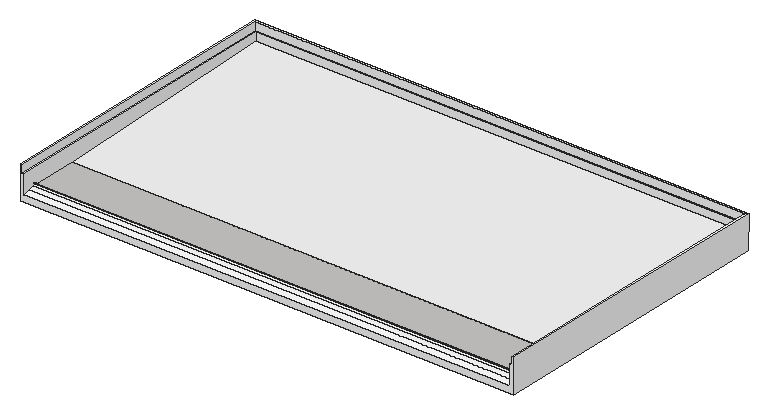
Revit family "Shower_Base-American_Standard-Townsend-6438AM-FCOL.218", category Plumbing Fixtures, Revit 2018
Family settings
  Round Connector Dimension = Use Diameter
  Part Type = Normal
  OmniClass Number = 23.45.05.14.17
  OmniClass Title = Showers
  Work Plane-Based = Yes
  Always vertical = No
  Cut with Voids When Loaded = No
  Shared = Yes
  Room Calculation Point = No
Parameters (values of type "6438AM-FCOL.218")
  Width = 64"  # constant formula
  Waste Connection Diameter = 3 3/8"  # constant formula
  Waste Connection = yes
  Warranty Information = "5-Year Limited Warranty"
  WFU = 4  # constant formula
  Vent Connection = no
  URL = "https://www.americanstandard.ca/"
  Type Comments = ""
  Trench Cover Material = Stainless Steel-American Standard-Brushed
  Shipping Weight = "62.8 Kg. (138 Lbs.)"
  Product Page URL = "https://www.americanstandard.ca/Shower-Bases/Townsend%C2%AE-64-x-38-Inch-Single-Threshold-ADA-Shower-Base-With-Linear-Drain/SOFT-WHITE-6438AMFCOL218"
  Product Documentation Link = "https://americanstandard.box.com/shared/static/c30bxn6rwch6x67esd8xwof3fz9klvna.pdf"
  Model = "6438AM-FCOL.218"
  Material = "Non Porous Material-American Standard-218-Soft White"
  Manufacturer = "American Standard"  # constant formula
  Length = 38"  # constant formula
  Installation Type = "Floor Mounted"  # constant formula
  HWFU = 3  # constant formula
  HW Connection = no
  Drain Material = Non Porous Material-American Standard-218-Soft White
  Drain Location = 32"
  Drain Length = 33 1/4"
  Description = "Townsend® 64 x 38-Inch Single Threshold ADA Shower Base With Linear Drain"
  Default Elevation = 0"
  Creation Date = "08/10/2022"  # constant formula
  Compliance Certifications = "Meets or Exceeds the Following Specifications: • CSA B45.5 / IAPMO Z124• IAPMO R&T cUPC• ICC A117.1"
  Clearance Between Studding = 1/8"
  CWFU = 3  # constant formula
  CW Connection = no
  Assembly Code = "D2010710"
  ADA Compliant = yes
Reference planes (in)
  plane 1 "Center (Front/Back)": y = 0
  plane 2: z = 0
  plane 3 "Center (Left/Right)": x = 0
  plane 4: y = -38
  plane 5: z = 1.375
  plane 6: y = -33.25
  plane 7: z = 4.34375
  plane 8: x = 32
  plane 9: x = -32
  plane 10: z = 3.34375
  plane 11: z = 2.34375
  plane 12: y = -38
Forms (in)
  Extrusion 1, solid, material "Non Porous Material-American Standard-218-Soft White" <- "Drain Material"
    sketch origin (-32, 0, 0) x (0, 1, 0) y (0, 0, 1)
      loop
        line (-32.65625, 0.8666) -> (-32.65625, 0) -> (-0.125, 0) -> (-0.125, 2.36329) -> (-32.44964, 1.27147)
        arc (-32.44964, 1.27147) -> (-32.60161, 1.09387) -> (-32.65625, 0.8666) r 0.5
      loop
        line (-35.85952, 0) -> (-35.85952, 1.08018)
        arc (-35.85952, 1.08018) -> (-35.93743, 1.26153) -> (-36.1226, 1.32984) r 0.25
        line (-36.1226, 1.32984) -> (-36.65438, 1.30197)
        arc (-36.65438, 1.30197) -> (-36.97647, 1.25614) -> (-37.28536, 1.15402) r 1.83051
        line (-37.28536, 1.15402) -> (-38, 0.84487) -> (-38, 0) -> (-35.85952, 0)
    from 0 to 64
  Extrusion 2, solid, material "Stainless Steel-American Standard-Brushed" <- "Trench Cover Material"
    sketch origin (-32, -4.47934, 0) x (0, 1, 0) y (0, 0, 1)
      loop
        line (-31.38585, 0) -> (-26.15547, 0) -> (-26.15547, 1.14569)
        arc (-26.15547, 1.14569) -> (-26.14348, 1.18821) -> (-26.11103, 1.2182) r 0.08138
        line (-26.11103, 1.2182) -> (-25.86446, 1.34384)
        arc (-25.86446, 1.34384) -> (-25.85592, 1.36237) -> (-25.87195, 1.375) r 0.01648
        line (-25.87195, 1.375) -> (-31.60336, 1.375)
        arc (-31.60336, 1.375) -> (-31.63335, 1.34776) -> (-31.60911, 1.3153) r 0.03013
        line (-31.60911, 1.3153) -> (-31.54112, 1.30208)
        arc (-31.54112, 1.30208) -> (-31.42827, 1.21004) -> (-31.38585, 1.07072) r 0.25
        line (-31.38585, 1.07072) -> (-31.38585, 0)
    from 0.125 to 63.875
  Extrusion 3, solid, material "Non Porous Material-American Standard-218-Soft White" <- "Drain Material"
    sketch origin (-32, 0, 0) x (1, 0, 0) y (0, 1, 0)
      loop
        circle (32, -33.25) r 1.6875
    from -0.29552 to 0
  Sweep 4, solid, material "Non Porous Material-American Standard-218-Soft White" <- "Drain Material"
    path origin (0, 0, 0) x (1, 0, 0) y (0, 1, 0)
      loop
        line (-32, -38) -> (-32, 0) -> (32, 0) -> (32, -38)
    profile origin (-32, -19, 0) x (-1, 0, 0) y (0, 0, 1)
      loop
        line (0, 0) -> (0, 4.34375) -> (-0.25, 4.34375) -> (-0.25, 3.34375) -> (-0.5, 3.34375) -> (-0.5, 0) -> (0, 0)
Cuts and joins
  joined: Extrusion 1, Sweep 4
Lines and regions (in)
  Masking region 1
    outline origin (-32, 0, 0) x (1, 0, 0) y (0, 1, 0)
      loop
        line (0, 0) -> (0, -38) -> (64, -38) -> (64, 0) -> (0, 0)
  symbolic lines, detail levels medium+fine
    curve 1: line (31.875, -35.63808, 0) -> (-31.5, -35.63808, 0)
    curve 2: line (31.5, -29.87195, 0) -> (-31.5, -29.87195, 0)
    curve 505: line (-31.75, -38, 0) -> (-31.75, -0.25, 0)
    curve 506: line (-31.5, -38, 0) -> (-31.5, -0.5, 0)
    curve 507: line (31.5, -0.5, 0) -> (31.5, -38, 0)
    curve 508: line (31.75, -0.25, 0) -> (31.75, -38, 0)
    curve 511: line (-31.75, -0.25, 0) -> (31.75, -0.25, 0)
    curve 512: line (-31.5, -0.5, 0) -> (31.5, -0.5, 0)
  symbolic lines, detail levels fine
    curve 3: line (-29.20656, -30.11086, 0) -> (-30.36694, -31.27125, 0)
    curve 4: arc (-30.36694, -31.27125, 0) -> (-30.36694, -31.31721, 0) -> (-30.32097, -31.31721, 0) r 0.0325
    curve 5: line (-30.32097, -31.31721, 0) -> (-29.16059, -30.15683, 0)
    curve 6: arc (-29.16059, -30.15683, 0) -> (-29.16059, -30.11086, 0) -> (-29.20656, -30.11086, 0) r 0.0325
    curve 7: line (-30.36694, -34.13695, 0) -> (-29.20656, -32.97657, 0)
    curve 8: arc (-29.20656, -32.97657, 0) -> (-29.16059, -32.97657, 0) -> (-29.16059, -33.02254, 0) r 0.0325
    curve 9: line (-29.16059, -33.02254, 0) -> (-30.32097, -34.18292, 0)
    curve 10: arc (-30.32097, -34.18292, 0) -> (-30.36694, -34.18292, 0) -> (-30.36694, -34.13695, 0) r 0.0325
    curve 11: line (-29.33358, -33.97657, 0) -> (-28.1732, -35.13695, 0)
    curve 12: arc (-28.1732, -35.13695, 0) -> (-28.1732, -35.18292, 0) -> (-28.21916, -35.18292, 0) r 0.0325
    curve 13: line (-28.21916, -35.18292, 0) -> (-29.37954, -34.02254, 0)
    curve 14: arc (-29.37954, -34.02254, 0) -> (-29.37954, -33.97657, 0) -> (-29.33358, -33.97657, 0) r 0.0325
    curve 15: line (-28.47822, -34.13695, 0) -> (-27.31784, -32.97657, 0)
    curve 16: arc (-27.31784, -32.97657, 0) -> (-27.27187, -32.97657, 0) -> (-27.27187, -33.02254, 0) r 0.0325
    curve 17: line (-27.27187, -33.02254, 0) -> (-28.43225, -34.18292, 0)
    curve 18: arc (-28.43225, -34.18292, 0) -> (-28.47822, -34.18292, 0) -> (-28.47822, -34.13695, 0) r 0.0325
    curve 19: line (-26.33044, -35.18292, 0) -> (-27.49083, -34.02254, 0)
    curve 20: arc (-27.49083, -34.02254, 0) -> (-27.49083, -33.97657, 0) -> (-27.44486, -33.97657, 0) r 0.0325
    curve 21: line (-27.44486, -33.97657, 0) -> (-26.28448, -35.13695, 0)
    curve 22: arc (-26.28448, -35.13695, 0) -> (-26.28448, -35.18292, 0) -> (-26.33044, -35.18292, 0) r 0.0325
    curve 23: line (-27.27187, -30.15683, 0) -> (-28.43225, -31.31721, 0)
    curve 24: arc (-28.43225, -31.31721, 0) -> (-28.47822, -31.31721, 0) -> (-28.47822, -31.27125, 0) r 0.0325
    curve 25: line (-28.47822, -31.27125, 0) -> (-27.31784, -30.11086, 0)
    curve 26: arc (-27.31784, -30.11086, 0) -> (-27.27187, -30.11086, 0) -> (-27.27187, -30.15683, 0) r 0.0325
    curve 27: line (-29.33358, -31.17336, 0) -> (-28.1732, -32.33375, 0)
    curve 28: arc (-28.1732, -32.33375, 0) -> (-28.1732, -32.37971, 0) -> (-28.21916, -32.37971, 0) r 0.0325
    curve 29: line (-28.21916, -32.37971, 0) -> (-29.37954, -31.21933, 0)
    curve 30: arc (-29.37954, -31.21933, 0) -> (-29.37954, -31.17336, 0) -> (-29.33358, -31.17336, 0) r 0.0325
    curve 31: line (-27.44486, -31.17336, 0) -> (-26.28448, -32.33375, 0)
    curve 32: arc (-26.28448, -32.33375, 0) -> (-26.28448, -32.37971, 0) -> (-26.33044, -32.37971, 0) r 0.0325
    curve 33: line (-26.33044, -32.37971, 0) -> (-27.49083, -31.21933, 0)
    curve 34: arc (-27.49083, -31.21933, 0) -> (-27.49083, -31.17336, 0) -> (-27.44486, -31.17336, 0) r 0.0325
    curve 35: line (-26.4935, -31.27125, 0) -> (-25.33312, -30.11086, 0)
    curve 36: arc (-25.33312, -30.11086, 0) -> (-25.28715, -30.11086, 0) -> (-25.28715, -30.15683, 0) r 0.0325
    curve 37: line (-25.28715, -30.15683, 0) -> (-26.44754, -31.31721, 0)
    curve 38: arc (-26.44754, -31.31721, 0) -> (-26.4935, -31.31721, 0) -> (-26.4935, -31.27125, 0) r 0.0325
    curve 39: line (-25.50611, -31.21933, 0) -> (-24.34573, -32.37971, 0)
    curve 40: arc (-24.34573, -32.37971, 0) -> (-24.29976, -32.37971, 0) -> (-24.29976, -32.33375, 0) r 0.0325
    curve 41: line (-24.29976, -32.33375, 0) -> (-25.46014, -31.17336, 0)
    curve 42: arc (-25.46014, -31.17336, 0) -> (-25.50611, -31.17336, 0) -> (-25.50611, -31.21933, 0) r 0.0325
    curve 43: line (-26.4935, -34.13695, 0) -> (-25.33312, -32.97657, 0)
    curve 44: arc (-25.33312, -32.97657, 0) -> (-25.28715, -32.97657, 0) -> (-25.28715, -33.02254, 0) r 0.0325
    curve 45: line (-25.28715, -33.02254, 0) -> (-26.44754, -34.18292, 0)
    curve 46: arc (-26.44754, -34.18292, 0) -> (-26.4935, -34.18292, 0) -> (-26.4935, -34.13695, 0) r 0.0325
    curve 47: line (-24.34573, -35.18292, 0) -> (-25.50611, -34.02254, 0)
    curve 48: arc (-25.50611, -34.02254, 0) -> (-25.50611, -33.97657, 0) -> (-25.46014, -33.97657, 0) r 0.0325
    curve 49: line (-25.46014, -33.97657, 0) -> (-24.29976, -35.13695, 0)
    curve 50: arc (-24.29976, -35.13695, 0) -> (-24.29976, -35.18292, 0) -> (-24.34573, -35.18292, 0) r 0.0325
    curve 51: line (-24.60478, -31.27125, 0) -> (-23.4444, -30.11086, 0)
    curve 52: arc (-23.4444, -30.11086, 0) -> (-23.39844, -30.11086, 0) -> (-23.39844, -30.15683, 0) r 0.0325
    curve 53: line (-23.39844, -30.15683, 0) -> (-24.55882, -31.31721, 0)
    curve 54: arc (-24.55882, -31.31721, 0) -> (-24.60478, -31.31721, 0) -> (-24.60478, -31.27125, 0) r 0.0325
    curve 55: line (-24.60478, -34.13695, 0) -> (-23.4444, -32.97657, 0)
    curve 56: arc (-23.4444, -32.97657, 0) -> (-23.39844, -32.97657, 0) -> (-23.39844, -33.02254, 0) r 0.0325
    curve 57: line (-23.39844, -33.02254, 0) -> (-24.55882, -34.18292, 0)
    curve 58: arc (-24.55882, -34.18292, 0) -> (-24.60478, -34.18292, 0) -> (-24.60478, -34.13695, 0) r 0.0325
    curve 59: line (-22.45701, -35.18292, 0) -> (-23.61739, -34.02254, 0)
    curve 60: arc (-23.61739, -34.02254, 0) -> (-23.61739, -33.97657, 0) -> (-23.57142, -33.97657, 0) r 0.0325
    curve 61: line (-23.57142, -33.97657, 0) -> (-22.41104, -35.13695, 0)
    curve 62: arc (-22.41104, -35.13695, 0) -> (-22.41104, -35.18292, 0) -> (-22.45701, -35.18292, 0) r 0.0325
    curve 63: line (-22.45701, -32.37971, 0) -> (-23.61739, -31.21933, 0)
    curve 64: arc (-23.61739, -31.21933, 0) -> (-23.61739, -31.17336, 0) -> (-23.57142, -31.17336, 0) r 0.0325
    curve 65: line (-23.57142, -31.17336, 0) -> (-22.41104, -32.33375, 0)
    curve 66: arc (-22.41104, -32.33375, 0) -> (-22.41104, -32.37971, 0) -> (-22.45701, -32.37971, 0) r 0.0325
    curve 67: line (-22.73049, -31.27125, 0) -> (-21.57011, -30.11086, 0)
    curve 68: arc (-21.57011, -30.11086, 0) -> (-21.52414, -30.11086, 0) -> (-21.52414, -30.15683, 0) r 0.0325
    curve 69: line (-21.52414, -30.15683, 0) -> (-22.68453, -31.31721, 0)
    curve 70: arc (-22.68453, -31.31721, 0) -> (-22.73049, -31.31721, 0) -> (-22.73049, -31.27125, 0) r 0.0325
    curve 71: line (-22.73049, -34.13695, 0) -> (-21.57011, -32.97657, 0)
    curve 72: arc (-21.57011, -32.97657, 0) -> (-21.52414, -32.97657, 0) -> (-21.52414, -33.02254, 0) r 0.0325
    curve 73: line (-21.52414, -33.02254, 0) -> (-22.68453, -34.18292, 0)
    curve 74: arc (-22.68453, -34.18292, 0) -> (-22.73049, -34.18292, 0) -> (-22.73049, -34.13695, 0) r 0.0325
    curve 75: line (-21.69713, -33.97657, 0) -> (-20.53675, -35.13695, 0)
    curve 76: arc (-20.53675, -35.13695, 0) -> (-20.53675, -35.18292, 0) -> (-20.58271, -35.18292, 0) r 0.0325
    curve 77: line (-20.58271, -35.18292, 0) -> (-21.7431, -34.02254, 0)
    curve 78: arc (-21.7431, -34.02254, 0) -> (-21.7431, -33.97657, 0) -> (-21.69713, -33.97657, 0) r 0.0325
    curve 79: line (-20.84177, -34.13695, 0) -> (-19.68139, -32.97657, 0)
    curve 80: arc (-19.68139, -32.97657, 0) -> (-19.63542, -32.97657, 0) -> (-19.63542, -33.02254, 0) r 0.0325
    curve 81: line (-19.63542, -33.02254, 0) -> (-20.79581, -34.18292, 0)
    curve 82: arc (-20.79581, -34.18292, 0) -> (-20.84177, -34.18292, 0) -> (-20.84177, -34.13695, 0) r 0.0325
    curve 83: line (-20.58271, -32.37971, 0) -> (-21.7431, -31.21933, 0)
    curve 84: arc (-21.7431, -31.21933, 0) -> (-21.7431, -31.17336, 0) -> (-21.69713, -31.17336, 0) r 0.0325
    curve 85: line (-21.69713, -31.17336, 0) -> (-20.53675, -32.33375, 0)
    curve 86: arc (-20.53675, -32.33375, 0) -> (-20.53675, -32.37971, 0) -> (-20.58271, -32.37971, 0) r 0.0325
    curve 87: line (-19.68139, -30.11086, 0) -> (-20.84177, -31.27125, 0)
    curve 88: arc (-20.84177, -31.27125, 0) -> (-20.84177, -31.31721, 0) -> (-20.79581, -31.31721, 0) r 0.0325
    curve 89: line (-20.79581, -31.31721, 0) -> (-19.63542, -30.15683, 0)
    curve 90: arc (-19.63542, -30.15683, 0) -> (-19.63542, -30.11086, 0) -> (-19.68139, -30.11086, 0) r 0.0325
    curve 91: line (-18.64803, -35.13695, 0) -> (-19.80841, -33.97657, 0)
    curve 92: arc (-19.80841, -33.97657, 0) -> (-19.85438, -33.97657, 0) -> (-19.85438, -34.02254, 0) r 0.0325
    curve 93: line (-19.85438, -34.02254, 0) -> (-18.694, -35.18292, 0)
    curve 94: arc (-18.694, -35.18292, 0) -> (-18.64803, -35.18292, 0) -> (-18.64803, -35.13695, 0) r 0.0325
    curve 95: line (-18.694, -32.37971, 0) -> (-19.85438, -31.21933, 0)
    curve 96: arc (-19.85438, -31.21933, 0) -> (-19.85438, -31.17336, 0) -> (-19.80841, -31.17336, 0) r 0.0325
    curve 97: line (-19.80841, -31.17336, 0) -> (-18.64803, -32.33375, 0)
    curve 98: arc (-18.64803, -32.33375, 0) -> (-18.64803, -32.37971, 0) -> (-18.694, -32.37971, 0) r 0.0325
    curve 99: line (-18.85706, -31.27125, 0) -> (-17.69667, -30.11086, 0)
    curve 100: arc (-17.69667, -30.11086, 0) -> (-17.65071, -30.11086, 0) -> (-17.65071, -30.15683, 0) r 0.0325
    curve 101: line (-17.65071, -30.15683, 0) -> (-18.81109, -31.31721, 0)
    curve 102: arc (-18.81109, -31.31721, 0) -> (-18.85706, -31.31721, 0) -> (-18.85706, -31.27125, 0) r 0.0325
    curve 103: line (-18.85706, -34.13695, 0) -> (-17.69667, -32.97657, 0)
    curve 104: arc (-17.69667, -32.97657, 0) -> (-17.65071, -32.97657, 0) -> (-17.65071, -33.02254, 0) r 0.0325
    curve 105: line (-17.65071, -33.02254, 0) -> (-18.81109, -34.18292, 0)
    curve 106: arc (-18.81109, -34.18292, 0) -> (-18.85706, -34.18292, 0) -> (-18.85706, -34.13695, 0) r 0.0325
    curve 107: line (-16.70928, -35.18292, 0) -> (-17.86966, -34.02254, 0)
    curve 108: arc (-17.86966, -34.02254, 0) -> (-17.86966, -33.97657, 0) -> (-17.8237, -33.97657, 0) r 0.0325
    curve 109: line (-17.8237, -33.97657, 0) -> (-16.66331, -35.13695, 0)
    curve 110: arc (-16.66331, -35.13695, 0) -> (-16.66331, -35.18292, 0) -> (-16.70928, -35.18292, 0) r 0.0325
    curve 111: line (-16.70928, -32.37971, 0) -> (-17.86966, -31.21933, 0)
    curve 112: arc (-17.86966, -31.21933, 0) -> (-17.86966, -31.17336, 0) -> (-17.8237, -31.17336, 0) r 0.0325
    curve 113: line (-17.8237, -31.17336, 0) -> (-16.66331, -32.33375, 0)
    curve 114: arc (-16.66331, -32.33375, 0) -> (-16.66331, -32.37971, 0) -> (-16.70928, -32.37971, 0) r 0.0325
    curve 115: line (-16.96834, -31.27125, 0) -> (-15.80795, -30.11086, 0)
    curve 116: arc (-15.80795, -30.11086, 0) -> (-15.76199, -30.11086, 0) -> (-15.76199, -30.15683, 0) r 0.0325
    curve 117: line (-15.76199, -30.15683, 0) -> (-16.92237, -31.31721, 0)
    curve 118: arc (-16.92237, -31.31721, 0) -> (-16.96834, -31.31721, 0) -> (-16.96834, -31.27125, 0) r 0.0325
    curve 119: line (-16.96834, -34.13695, 0) -> (-15.80795, -32.97657, 0)
    curve 120: arc (-15.80795, -32.97657, 0) -> (-15.76199, -32.97657, 0) -> (-15.76199, -33.02254, 0) r 0.0325
    curve 121: line (-15.76199, -33.02254, 0) -> (-16.92237, -34.18292, 0)
    curve 122: arc (-16.92237, -34.18292, 0) -> (-16.96834, -34.18292, 0) -> (-16.96834, -34.13695, 0) r 0.0325
    curve 123: line (-14.82056, -35.18292, 0) -> (-15.98094, -34.02254, 0)
    curve 124: arc (-15.98094, -34.02254, 0) -> (-15.98094, -33.97657, 0) -> (-15.93498, -33.97657, 0) r 0.0325
    curve 125: line (-15.93498, -33.97657, 0) -> (-14.77459, -35.13695, 0)
    curve 126: arc (-14.77459, -35.13695, 0) -> (-14.77459, -35.18292, 0) -> (-14.82056, -35.18292, 0) r 0.0325
    curve 127: line (-14.82056, -32.37971, 0) -> (-15.98094, -31.21933, 0)
    curve 128: arc (-15.98094, -31.21933, 0) -> (-15.98094, -31.17336, 0) -> (-15.93498, -31.17336, 0) r 0.0325
    curve 129: line (-15.93498, -31.17336, 0) -> (-14.77459, -32.33375, 0)
    curve 130: arc (-14.77459, -32.33375, 0) -> (-14.77459, -32.37971, 0) -> (-14.82056, -32.37971, 0) r 0.0325
    curve 131: line (0.20928, -34.13695, 0) -> (1.36966, -32.97657, 0)
    curve 132: arc (1.36966, -32.97657, 0) -> (1.41563, -32.97657, 0) -> (1.41563, -33.02254, 0) r 0.0325
    curve 133: line (1.41563, -33.02254, 0) -> (0.25525, -34.18292, 0)
    curve 134: arc (0.25525, -34.18292, 0) -> (0.20928, -34.18292, 0) -> (0.20928, -34.13695, 0) r 0.0325
    curve 135: line (0.20928, -31.27125, 0) -> (1.36966, -30.11086, 0)
    curve 136: arc (1.36966, -30.11086, 0) -> (1.41563, -30.11086, 0) -> (1.41563, -30.15683, 0) r 0.0325
    curve 137: line (1.41563, -30.15683, 0) -> (0.25525, -31.31721, 0)
    curve 138: arc (0.25525, -31.31721, 0) -> (0.20928, -31.31721, 0) -> (0.20928, -31.27125, 0) r 0.0325
    curve 139: line (2.35706, -32.37971, 0) -> (1.19667, -31.21933, 0)
    curve 140: arc (1.19667, -31.21933, 0) -> (1.19667, -31.17336, 0) -> (1.24264, -31.17336, 0) r 0.0325
    curve 141: line (1.24264, -31.17336, 0) -> (2.40302, -32.33375, 0)
    curve 142: arc (2.40302, -32.33375, 0) -> (2.40302, -32.37971, 0) -> (2.35706, -32.37971, 0) r 0.0325
    curve 143: line (2.35706, -35.18292, 0) -> (1.19667, -34.02254, 0)
    curve 144: arc (1.19667, -34.02254, 0) -> (1.19667, -33.97657, 0) -> (1.24264, -33.97657, 0) r 0.0325
    curve 145: line (1.24264, -33.97657, 0) -> (2.40302, -35.13695, 0)
    curve 146: arc (2.40302, -35.13695, 0) -> (2.40302, -35.18292, 0) -> (2.35706, -35.18292, 0) r 0.0325
    curve 147: line (2.194, -31.27125, 0) -> (3.35438, -30.11086, 0)
    curve 148: arc (3.35438, -30.11086, 0) -> (3.40035, -30.11086, 0) -> (3.40035, -30.15683, 0) r 0.0325
    curve 149: line (3.40035, -30.15683, 0) -> (2.23996, -31.31721, 0)
    curve 150: arc (2.23996, -31.31721, 0) -> (2.194, -31.31721, 0) -> (2.194, -31.27125, 0) r 0.0325
    curve 151: line (2.194, -34.13695, 0) -> (3.35438, -32.97657, 0)
    curve 152: arc (3.35438, -32.97657, 0) -> (3.40035, -32.97657, 0) -> (3.40035, -33.02254, 0) r 0.0325
    curve 153: line (3.40035, -33.02254, 0) -> (2.23996, -34.18292, 0)
    curve 154: arc (2.23996, -34.18292, 0) -> (2.194, -34.18292, 0) -> (2.194, -34.13695, 0) r 0.0325
    curve 155: line (4.34177, -32.37971, 0) -> (3.18139, -31.21933, 0)
    curve 156: arc (3.18139, -31.21933, 0) -> (3.18139, -31.17336, 0) -> (3.22736, -31.17336, 0) r 0.0325
    curve 157: line (3.22736, -31.17336, 0) -> (4.38774, -32.33375, 0)
    curve 158: arc (4.38774, -32.33375, 0) -> (4.38774, -32.37971, 0) -> (4.34177, -32.37971, 0) r 0.0325
    curve 159: line (4.38774, -35.13695, 0) -> (3.22736, -33.97657, 0)
    curve 160: arc (3.22736, -33.97657, 0) -> (3.18139, -33.97657, 0) -> (3.18139, -34.02254, 0) r 0.0325
    curve 161: line (3.18139, -34.02254, 0) -> (4.34177, -35.18292, 0)
    curve 162: arc (4.34177, -35.18292, 0) -> (4.38774, -35.18292, 0) -> (4.38774, -35.13695, 0) r 0.0325
    curve 163: line (4.08272, -31.27125, 0) -> (5.2431, -30.11086, 0)
    curve 164: arc (5.2431, -30.11086, 0) -> (5.28906, -30.11086, 0) -> (5.28906, -30.15683, 0) r 0.0325
    curve 165: line (5.28906, -30.15683, 0) -> (4.12868, -31.31721, 0)
    curve 166: arc (4.12868, -31.31721, 0) -> (4.08272, -31.31721, 0) -> (4.08272, -31.27125, 0) r 0.0325
    curve 167: line (4.08272, -34.13695, 0) -> (5.2431, -32.97657, 0)
    curve 168: arc (5.2431, -32.97657, 0) -> (5.28906, -32.97657, 0) -> (5.28906, -33.02254, 0) r 0.0325
    curve 169: line (5.28906, -33.02254, 0) -> (4.12868, -34.18292, 0)
    curve 170: arc (4.12868, -34.18292, 0) -> (4.08272, -34.18292, 0) -> (4.08272, -34.13695, 0) r 0.0325
    curve 171: line (6.23049, -35.18292, 0) -> (5.07011, -34.02254, 0)
    curve 172: arc (5.07011, -34.02254, 0) -> (5.07011, -33.97657, 0) -> (5.11608, -33.97657, 0) r 0.0325
    curve 173: line (5.11608, -33.97657, 0) -> (6.27646, -35.13695, 0)
    curve 174: arc (6.27646, -35.13695, 0) -> (6.27646, -35.18292, 0) -> (6.23049, -35.18292, 0) r 0.0325
    curve 175: line (5.95701, -34.13695, 0) -> (7.11739, -32.97657, 0)
    curve 176: arc (7.11739, -32.97657, 0) -> (7.16336, -32.97657, 0) -> (7.16336, -33.02254, 0) r 0.0325
    curve 177: line (7.16336, -33.02254, 0) -> (6.00297, -34.18292, 0)
    curve 178: arc (6.00297, -34.18292, 0) -> (5.95701, -34.18292, 0) -> (5.95701, -34.13695, 0) r 0.0325
    curve 179: line (6.23049, -32.37971, 0) -> (5.07011, -31.21933, 0)
    curve 180: arc (5.07011, -31.21933, 0) -> (5.07011, -31.17336, 0) -> (5.11608, -31.17336, 0) r 0.0325
    curve 181: line (5.11608, -31.17336, 0) -> (6.27646, -32.33375, 0)
    curve 182: arc (6.27646, -32.33375, 0) -> (6.27646, -32.37971, 0) -> (6.23049, -32.37971, 0) r 0.0325
    curve 183: line (5.95701, -31.27125, 0) -> (7.11739, -30.11086, 0)
    curve 184: arc (7.11739, -30.11086, 0) -> (7.16336, -30.11086, 0) -> (7.16336, -30.15683, 0) r 0.0325
    curve 185: line (7.16336, -30.15683, 0) -> (6.00297, -31.31721, 0)
    curve 186: arc (6.00297, -31.31721, 0) -> (5.95701, -31.31721, 0) -> (5.95701, -31.27125, 0) r 0.0325
    curve 187: line (6.9444, -31.21933, 0) -> (8.10479, -32.37971, 0)
    curve 188: arc (8.10479, -32.37971, 0) -> (8.15075, -32.37971, 0) -> (8.15075, -32.33375, 0) r 0.0325
    curve 189: line (8.15075, -32.33375, 0) -> (6.99037, -31.17336, 0)
    curve 190: arc (6.99037, -31.17336, 0) -> (6.9444, -31.17336, 0) -> (6.9444, -31.21933, 0) r 0.0325
    curve 191: line (8.10479, -35.18292, 0) -> (6.9444, -34.02254, 0)
    curve 192: arc (6.9444, -34.02254, 0) -> (6.9444, -33.97657, 0) -> (6.99037, -33.97657, 0) r 0.0325
    curve 193: line (6.99037, -33.97657, 0) -> (8.15075, -35.13695, 0)
    curve 194: arc (8.15075, -35.13695, 0) -> (8.15075, -35.18292, 0) -> (8.10479, -35.18292, 0) r 0.0325
    curve 195: line (9.9935, -35.18292, 0) -> (8.83312, -34.02254, 0)
    curve 196: arc (8.83312, -34.02254, 0) -> (8.83312, -33.97657, 0) -> (8.87909, -33.97657, 0) r 0.0325
    curve 197: line (8.87909, -33.97657, 0) -> (10.03947, -35.13695, 0)
    curve 198: arc (10.03947, -35.13695, 0) -> (10.03947, -35.18292, 0) -> (9.9935, -35.18292, 0) r 0.0325
    curve 199: line (9.05208, -33.02254, 0) -> (7.89169, -34.18292, 0)
    curve 200: arc (7.89169, -34.18292, 0) -> (7.84573, -34.18292, 0) -> (7.84573, -34.13695, 0) r 0.0325
    curve 201: line (7.84573, -34.13695, 0) -> (9.00611, -32.97657, 0)
    curve 202: arc (9.00611, -32.97657, 0) -> (9.05208, -32.97657, 0) -> (9.05208, -33.02254, 0) r 0.0325
    curve 203: line (7.84573, -31.27125, 0) -> (9.00611, -30.11086, 0)
    curve 204: arc (9.00611, -30.11086, 0) -> (9.05208, -30.11086, 0) -> (9.05208, -30.15683, 0) r 0.0325
    curve 205: line (9.05208, -30.15683, 0) -> (7.89169, -31.31721, 0)
    curve 206: arc (7.89169, -31.31721, 0) -> (7.84573, -31.31721, 0) -> (7.84573, -31.27125, 0) r 0.0325
    curve 207: line (9.9935, -32.37971, 0) -> (8.83312, -31.21933, 0)
    curve 208: arc (8.83312, -31.21933, 0) -> (8.83312, -31.17336, 0) -> (8.87909, -31.17336, 0) r 0.0325
    curve 209: line (8.87909, -31.17336, 0) -> (10.03947, -32.33375, 0)
    curve 210: arc (10.03947, -32.33375, 0) -> (10.03947, -32.37971, 0) -> (9.9935, -32.37971, 0) r 0.0325
    curve 211: line (9.83044, -31.27125, 0) -> (10.99083, -30.11086, 0)
    curve 212: arc (10.99083, -30.11086, 0) -> (11.03679, -30.11086, 0) -> (11.03679, -30.15683, 0) r 0.0325
    curve 213: line (11.03679, -30.15683, 0) -> (9.87641, -31.31721, 0)
    curve 214: arc (9.87641, -31.31721, 0) -> (9.83044, -31.31721, 0) -> (9.83044, -31.27125, 0) r 0.0325
    curve 215: line (9.83044, -34.13695, 0) -> (10.99083, -32.97657, 0)
    curve 216: arc (10.99083, -32.97657, 0) -> (11.03679, -32.97657, 0) -> (11.03679, -33.02254, 0) r 0.0325
    curve 217: line (11.03679, -33.02254, 0) -> (9.87641, -34.18292, 0)
    curve 218: arc (9.87641, -34.18292, 0) -> (9.83044, -34.18292, 0) -> (9.83044, -34.13695, 0) r 0.0325
    curve 219: line (11.97822, -35.18292, 0) -> (10.81784, -34.02254, 0)
    curve 220: arc (10.81784, -34.02254, 0) -> (10.81784, -33.97657, 0) -> (10.8638, -33.97657, 0) r 0.0325
    curve 221: line (10.8638, -33.97657, 0) -> (12.02419, -35.13695, 0)
    curve 222: arc (12.02419, -35.13695, 0) -> (12.02419, -35.18292, 0) -> (11.97822, -35.18292, 0) r 0.0325
    curve 223: line (11.71916, -34.13695, 0) -> (12.87955, -32.97657, 0)
    curve 224: arc (12.87955, -32.97657, 0) -> (12.92551, -32.97657, 0) -> (12.92551, -33.02254, 0) r 0.0325
    curve 225: line (12.92551, -33.02254, 0) -> (11.76513, -34.18292, 0)
    curve 226: arc (11.76513, -34.18292, 0) -> (11.71916, -34.18292, 0) -> (11.71916, -34.13695, 0) r 0.0325
    curve 227: line (11.97822, -32.37971, 0) -> (10.81784, -31.21933, 0)
    curve 228: arc (10.81784, -31.21933, 0) -> (10.81784, -31.17336, 0) -> (10.8638, -31.17336, 0) r 0.0325
    curve 229: line (10.8638, -31.17336, 0) -> (12.02419, -32.33375, 0)
    curve 230: arc (12.02419, -32.33375, 0) -> (12.02419, -32.37971, 0) -> (11.97822, -32.37971, 0) r 0.0325
    curve 231: line (11.71916, -31.27125, 0) -> (12.87955, -30.11086, 0)
    curve 232: arc (12.87955, -30.11086, 0) -> (12.92551, -30.11086, 0) -> (12.92551, -30.15683, 0) r 0.0325
    curve 233: line (12.92551, -30.15683, 0) -> (11.76513, -31.31721, 0)
    curve 234: arc (11.76513, -31.31721, 0) -> (11.71916, -31.31721, 0) -> (11.71916, -31.27125, 0) r 0.0325
    curve 235: line (13.86694, -32.37971, 0) -> (12.70656, -31.21933, 0)
    curve 236: arc (12.70656, -31.21933, 0) -> (12.70656, -31.17336, 0) -> (12.75252, -31.17336, 0) r 0.0325
    curve 237: line (12.75252, -31.17336, 0) -> (13.91291, -32.33375, 0)
    curve 238: arc (13.91291, -32.33375, 0) -> (13.91291, -32.37971, 0) -> (13.86694, -32.37971, 0) r 0.0325
    curve 239: line (13.86694, -35.18292, 0) -> (12.70656, -34.02254, 0)
    curve 240: arc (12.70656, -34.02254, 0) -> (12.70656, -33.97657, 0) -> (12.75252, -33.97657, 0) r 0.0325
    curve 241: line (12.75252, -33.97657, 0) -> (13.91291, -35.13695, 0)
    curve 242: arc (13.91291, -35.13695, 0) -> (13.91291, -35.18292, 0) -> (13.86694, -35.18292, 0) r 0.0325
    curve 243: line (13.61168, -34.13695, 0) -> (14.77206, -32.97657, 0)
    curve 244: arc (14.77206, -32.97657, 0) -> (14.81803, -32.97657, 0) -> (14.81803, -33.02254, 0) r 0.0325
    curve 245: line (14.81803, -33.02254, 0) -> (13.65765, -34.18292, 0)
    curve 246: arc (13.65765, -34.18292, 0) -> (13.61168, -34.18292, 0) -> (13.61168, -34.13695, 0) r 0.0325
    curve 247: line (13.61168, -31.27125, 0) -> (14.77206, -30.11086, 0)
    curve 248: arc (14.77206, -30.11086, 0) -> (14.81803, -30.11086, 0) -> (14.81803, -30.15683, 0) r 0.0325
    curve 249: line (14.81803, -30.15683, 0) -> (13.65765, -31.31721, 0)
    curve 250: arc (13.65765, -31.31721, 0) -> (13.61168, -31.31721, 0) -> (13.61168, -31.27125, 0) r 0.0325
    curve 251: line (15.75946, -32.37971, 0) -> (14.59907, -31.21933, 0)
    curve 252: arc (14.59907, -31.21933, 0) -> (14.59907, -31.17336, 0) -> (14.64504, -31.17336, 0) r 0.0325
    curve 253: line (14.64504, -31.17336, 0) -> (15.80542, -32.33375, 0)
    curve 254: arc (15.80542, -32.33375, 0) -> (15.80542, -32.37971, 0) -> (15.75946, -32.37971, 0) r 0.0325
    curve 255: line (15.75946, -35.18292, 0) -> (14.59907, -34.02254, 0)
    curve 256: arc (14.59907, -34.02254, 0) -> (14.59907, -33.97657, 0) -> (14.64504, -33.97657, 0) r 0.0325
    curve 257: line (14.64504, -33.97657, 0) -> (15.80542, -35.13695, 0)
    curve 258: arc (15.80542, -35.13695, 0) -> (15.80542, -35.18292, 0) -> (15.75946, -35.18292, 0) r 0.0325
    curve 259: line (15.5964, -31.27125, 0) -> (16.75678, -30.11086, 0)
    curve 260: arc (16.75678, -30.11086, 0) -> (16.80275, -30.11086, 0) -> (16.80275, -30.15683, 0) r 0.0325
    curve 261: line (16.80275, -30.15683, 0) -> (15.64236, -31.31721, 0)
    curve 262: arc (15.64236, -31.31721, 0) -> (15.5964, -31.31721, 0) -> (15.5964, -31.27125, 0) r 0.0325
    curve 263: line (15.5964, -34.13695, 0) -> (16.75678, -32.97657, 0)
    curve 264: arc (16.75678, -32.97657, 0) -> (16.80275, -32.97657, 0) -> (16.80275, -33.02254, 0) r 0.0325
    curve 265: line (16.80275, -33.02254, 0) -> (15.64236, -34.18292, 0)
    curve 266: arc (15.64236, -34.18292, 0) -> (15.5964, -34.18292, 0) -> (15.5964, -34.13695, 0) r 0.0325
    curve 267: line (-14.9935, -31.27125, 0) -> (-13.83312, -30.11086, 0)
    curve 268: arc (-13.83312, -30.11086, 0) -> (-13.78715, -30.11086, 0) -> (-13.78715, -30.15683, 0) r 0.0325
    curve 269: line (-13.78715, -30.15683, 0) -> (-14.94754, -31.31721, 0)
    curve 270: arc (-14.94754, -31.31721, 0) -> (-14.9935, -31.31721, 0) -> (-14.9935, -31.27125, 0) r 0.0325
    curve 271: line (-14.00611, -31.21933, 0) -> (-12.84573, -32.37971, 0)
    curve 272: arc (-12.84573, -32.37971, 0) -> (-12.79976, -32.37971, 0) -> (-12.79976, -32.33375, 0) r 0.0325
    curve 273: line (-12.79976, -32.33375, 0) -> (-13.96014, -31.17336, 0)
    curve 274: arc (-13.96014, -31.17336, 0) -> (-14.00611, -31.17336, 0) -> (-14.00611, -31.21933, 0) r 0.0325
    curve 275: line (-14.9935, -34.13695, 0) -> (-13.83312, -32.97657, 0)
    curve 276: arc (-13.83312, -32.97657, 0) -> (-13.78715, -32.97657, 0) -> (-13.78715, -33.02254, 0) r 0.0325
    curve 277: line (-13.78715, -33.02254, 0) -> (-14.94754, -34.18292, 0)
    curve 278: arc (-14.94754, -34.18292, 0) -> (-14.9935, -34.18292, 0) -> (-14.9935, -34.13695, 0) r 0.0325
    curve 279: line (-12.84573, -35.18292, 0) -> (-14.00611, -34.02254, 0)
    curve 280: arc (-14.00611, -34.02254, 0) -> (-14.00611, -33.97657, 0) -> (-13.96014, -33.97657, 0) r 0.0325
    curve 281: line (-13.96014, -33.97657, 0) -> (-12.79976, -35.13695, 0)
    curve 282: arc (-12.79976, -35.13695, 0) -> (-12.79976, -35.18292, 0) -> (-12.84573, -35.18292, 0) r 0.0325
    curve 283: line (-13.10478, -31.27125, 0) -> (-11.9444, -30.11086, 0)
    curve 284: arc (-11.9444, -30.11086, 0) -> (-11.89844, -30.11086, 0) -> (-11.89844, -30.15683, 0) r 0.0325
    curve 285: line (-11.89844, -30.15683, 0) -> (-13.05882, -31.31721, 0)
    curve 286: arc (-13.05882, -31.31721, 0) -> (-13.10478, -31.31721, 0) -> (-13.10478, -31.27125, 0) r 0.0325
    curve 287: line (-13.10478, -34.13695, 0) -> (-11.9444, -32.97657, 0)
    curve 288: arc (-11.9444, -32.97657, 0) -> (-11.89844, -32.97657, 0) -> (-11.89844, -33.02254, 0) r 0.0325
    curve 289: line (-11.89844, -33.02254, 0) -> (-13.05882, -34.18292, 0)
    curve 290: arc (-13.05882, -34.18292, 0) -> (-13.10478, -34.18292, 0) -> (-13.10478, -34.13695, 0) r 0.0325
    curve 291: line (-10.95701, -35.18292, 0) -> (-12.11739, -34.02254, 0)
    curve 292: arc (-12.11739, -34.02254, 0) -> (-12.11739, -33.97657, 0) -> (-12.07142, -33.97657, 0) r 0.0325
    curve 293: line (-12.07142, -33.97657, 0) -> (-10.91104, -35.13695, 0)
    curve 294: arc (-10.91104, -35.13695, 0) -> (-10.91104, -35.18292, 0) -> (-10.95701, -35.18292, 0) r 0.0325
    curve 295: line (-10.95701, -32.37971, 0) -> (-12.11739, -31.21933, 0)
    curve 296: arc (-12.11739, -31.21933, 0) -> (-12.11739, -31.17336, 0) -> (-12.07142, -31.17336, 0) r 0.0325
    curve 297: line (-12.07142, -31.17336, 0) -> (-10.91104, -32.33375, 0)
    curve 298: arc (-10.91104, -32.33375, 0) -> (-10.91104, -32.37971, 0) -> (-10.95701, -32.37971, 0) r 0.0325
    curve 299: line (-11.23049, -31.27125, 0) -> (-10.07011, -30.11086, 0)
    curve 300: arc (-10.07011, -30.11086, 0) -> (-10.02414, -30.11086, 0) -> (-10.02414, -30.15683, 0) r 0.0325
    curve 301: line (-10.02414, -30.15683, 0) -> (-11.18453, -31.31721, 0)
    curve 302: arc (-11.18453, -31.31721, 0) -> (-11.23049, -31.31721, 0) -> (-11.23049, -31.27125, 0) r 0.0325
    curve 303: line (-11.23049, -34.13695, 0) -> (-10.07011, -32.97657, 0)
    curve 304: arc (-10.07011, -32.97657, 0) -> (-10.02414, -32.97657, 0) -> (-10.02414, -33.02254, 0) r 0.0325
    curve 305: line (-10.02414, -33.02254, 0) -> (-11.18453, -34.18292, 0)
    curve 306: arc (-11.18453, -34.18292, 0) -> (-11.23049, -34.18292, 0) -> (-11.23049, -34.13695, 0) r 0.0325
    curve 307: line (-10.19713, -33.97657, 0) -> (-9.03675, -35.13695, 0)
    curve 308: arc (-9.03675, -35.13695, 0) -> (-9.03675, -35.18292, 0) -> (-9.08271, -35.18292, 0) r 0.0325
    curve 309: line (-9.08271, -35.18292, 0) -> (-10.2431, -34.02254, 0)
    curve 310: arc (-10.2431, -34.02254, 0) -> (-10.2431, -33.97657, 0) -> (-10.19713, -33.97657, 0) r 0.0325
    curve 311: line (-9.34177, -34.13695, 0) -> (-8.18139, -32.97657, 0)
    curve 312: arc (-8.18139, -32.97657, 0) -> (-8.13542, -32.97657, 0) -> (-8.13542, -33.02254, 0) r 0.0325
    curve 313: line (-8.13542, -33.02254, 0) -> (-9.29581, -34.18292, 0)
    curve 314: arc (-9.29581, -34.18292, 0) -> (-9.34177, -34.18292, 0) -> (-9.34177, -34.13695, 0) r 0.0325
    curve 315: line (-9.08271, -32.37971, 0) -> (-10.2431, -31.21933, 0)
    curve 316: arc (-10.2431, -31.21933, 0) -> (-10.2431, -31.17336, 0) -> (-10.19713, -31.17336, 0) r 0.0325
    curve 317: line (-10.19713, -31.17336, 0) -> (-9.03675, -32.33375, 0)
    curve 318: arc (-9.03675, -32.33375, 0) -> (-9.03675, -32.37971, 0) -> (-9.08271, -32.37971, 0) r 0.0325
    curve 319: line (-8.18139, -30.11086, 0) -> (-9.34177, -31.27125, 0)
    curve 320: arc (-9.34177, -31.27125, 0) -> (-9.34177, -31.31721, 0) -> (-9.29581, -31.31721, 0) r 0.0325
    curve 321: line (-9.29581, -31.31721, 0) -> (-8.13542, -30.15683, 0)
    curve 322: arc (-8.13542, -30.15683, 0) -> (-8.13542, -30.11086, 0) -> (-8.18139, -30.11086, 0) r 0.0325
    curve 323: line (-7.14803, -35.13695, 0) -> (-8.30841, -33.97657, 0)
    curve 324: arc (-8.30841, -33.97657, 0) -> (-8.35438, -33.97657, 0) -> (-8.35438, -34.02254, 0) r 0.0325
    curve 325: line (-8.35438, -34.02254, 0) -> (-7.194, -35.18292, 0)
    curve 326: arc (-7.194, -35.18292, 0) -> (-7.14803, -35.18292, 0) -> (-7.14803, -35.13695, 0) r 0.0325
    curve 327: line (-7.194, -32.37971, 0) -> (-8.35438, -31.21933, 0)
    curve 328: arc (-8.35438, -31.21933, 0) -> (-8.35438, -31.17336, 0) -> (-8.30841, -31.17336, 0) r 0.0325
    curve 329: line (-8.30841, -31.17336, 0) -> (-7.14803, -32.33375, 0)
    curve 330: arc (-7.14803, -32.33375, 0) -> (-7.14803, -32.37971, 0) -> (-7.194, -32.37971, 0) r 0.0325
    curve 331: line (-7.35706, -31.27125, 0) -> (-6.19667, -30.11086, 0)
    curve 332: arc (-6.19667, -30.11086, 0) -> (-6.15071, -30.11086, 0) -> (-6.15071, -30.15683, 0) r 0.0325
    curve 333: line (-6.15071, -30.15683, 0) -> (-7.31109, -31.31721, 0)
    curve 334: arc (-7.31109, -31.31721, 0) -> (-7.35706, -31.31721, 0) -> (-7.35706, -31.27125, 0) r 0.0325
    curve 335: line (-7.35706, -34.13695, 0) -> (-6.19667, -32.97657, 0)
    curve 336: arc (-6.19667, -32.97657, 0) -> (-6.15071, -32.97657, 0) -> (-6.15071, -33.02254, 0) r 0.0325
    curve 337: line (-6.15071, -33.02254, 0) -> (-7.31109, -34.18292, 0)
    curve 338: arc (-7.31109, -34.18292, 0) -> (-7.35706, -34.18292, 0) -> (-7.35706, -34.13695, 0) r 0.0325
    curve 339: line (-5.20928, -35.18292, 0) -> (-6.36966, -34.02254, 0)
    curve 340: arc (-6.36966, -34.02254, 0) -> (-6.36966, -33.97657, 0) -> (-6.3237, -33.97657, 0) r 0.0325
    curve 341: line (-6.3237, -33.97657, 0) -> (-5.16331, -35.13695, 0)
    curve 342: arc (-5.16331, -35.13695, 0) -> (-5.16331, -35.18292, 0) -> (-5.20928, -35.18292, 0) r 0.0325
    curve 343: line (-5.20928, -32.37971, 0) -> (-6.36966, -31.21933, 0)
    curve 344: arc (-6.36966, -31.21933, 0) -> (-6.36966, -31.17336, 0) -> (-6.3237, -31.17336, 0) r 0.0325
    curve 345: line (-6.3237, -31.17336, 0) -> (-5.16331, -32.33375, 0)
    curve 346: arc (-5.16331, -32.33375, 0) -> (-5.16331, -32.37971, 0) -> (-5.20928, -32.37971, 0) r 0.0325
    curve 347: line (-5.46834, -31.27125, 0) -> (-4.30795, -30.11086, 0)
    curve 348: arc (-4.30795, -30.11086, 0) -> (-4.26199, -30.11086, 0) -> (-4.26199, -30.15683, 0) r 0.0325
    curve 349: line (-4.26199, -30.15683, 0) -> (-5.42237, -31.31721, 0)
    curve 350: arc (-5.42237, -31.31721, 0) -> (-5.46834, -31.31721, 0) -> (-5.46834, -31.27125, 0) r 0.0325
    curve 351: line (-5.46834, -34.13695, 0) -> (-4.30795, -32.97657, 0)
    curve 352: arc (-4.30795, -32.97657, 0) -> (-4.26199, -32.97657, 0) -> (-4.26199, -33.02254, 0) r 0.0325
    curve 353: line (-4.26199, -33.02254, 0) -> (-5.42237, -34.18292, 0)
    curve 354: arc (-5.42237, -34.18292, 0) -> (-5.46834, -34.18292, 0) -> (-5.46834, -34.13695, 0) r 0.0325
    curve 355: line (-3.32056, -35.18292, 0) -> (-4.48094, -34.02254, 0)
    curve 356: arc (-4.48094, -34.02254, 0) -> (-4.48094, -33.97657, 0) -> (-4.43498, -33.97657, 0) r 0.0325
    curve 357: line (-4.43498, -33.97657, 0) -> (-3.27459, -35.13695, 0)
    curve 358: arc (-3.27459, -35.13695, 0) -> (-3.27459, -35.18292, 0) -> (-3.32056, -35.18292, 0) r 0.0325
    curve 359: line (-3.32056, -32.37971, 0) -> (-4.48094, -31.21933, 0)
    curve 360: arc (-4.48094, -31.21933, 0) -> (-4.48094, -31.17336, 0) -> (-4.43498, -31.17336, 0) r 0.0325
    curve 361: line (-4.43498, -31.17336, 0) -> (-3.27459, -32.33375, 0)
    curve 362: arc (-3.27459, -32.33375, 0) -> (-3.27459, -32.37971, 0) -> (-3.32056, -32.37971, 0) r 0.0325
    curve 363: line (-3.48206, -31.27125, 0) -> (-2.32167, -30.11086, 0)
    curve 364: arc (-2.32167, -30.11086, 0) -> (-2.27571, -30.11086, 0) -> (-2.27571, -30.15683, 0) r 0.0325
    curve 365: line (-2.27571, -30.15683, 0) -> (-3.43609, -31.31721, 0)
    curve 366: arc (-3.43609, -31.31721, 0) -> (-3.48206, -31.31721, 0) -> (-3.48206, -31.27125, 0) r 0.0325
    curve 367: line (-3.48206, -34.13695, 0) -> (-2.32167, -32.97657, 0)
    curve 368: arc (-2.32167, -32.97657, 0) -> (-2.27571, -32.97657, 0) -> (-2.27571, -33.02254, 0) r 0.0325
    curve 369: line (-2.27571, -33.02254, 0) -> (-3.43609, -34.18292, 0)
    curve 370: arc (-3.43609, -34.18292, 0) -> (-3.48206, -34.18292, 0) -> (-3.48206, -34.13695, 0) r 0.0325
    curve 371: line (-1.33428, -35.18292, 0) -> (-2.49466, -34.02254, 0)
    curve 372: arc (-2.49466, -34.02254, 0) -> (-2.49466, -33.97657, 0) -> (-2.4487, -33.97657, 0) r 0.0325
    curve 373: line (-2.4487, -33.97657, 0) -> (-1.28831, -35.13695, 0)
    curve 374: arc (-1.28831, -35.13695, 0) -> (-1.28831, -35.18292, 0) -> (-1.33428, -35.18292, 0) r 0.0325
    curve 375: line (-1.33428, -32.37971, 0) -> (-2.49466, -31.21933, 0)
    curve 376: arc (-2.49466, -31.21933, 0) -> (-2.49466, -31.17336, 0) -> (-2.4487, -31.17336, 0) r 0.0325
    curve 377: line (-2.4487, -31.17336, 0) -> (-1.28831, -32.33375, 0)
    curve 378: arc (-1.28831, -32.33375, 0) -> (-1.28831, -32.37971, 0) -> (-1.33428, -32.37971, 0) r 0.0325
    curve 379: line (-1.59334, -31.27125, 0) -> (-0.43295, -30.11086, 0)
    curve 380: arc (-0.43295, -30.11086, 0) -> (-0.38699, -30.11086, 0) -> (-0.38699, -30.15683, 0) r 0.0325
    curve 381: line (-0.38699, -30.15683, 0) -> (-1.54737, -31.31721, 0)
    curve 382: arc (-1.54737, -31.31721, 0) -> (-1.59334, -31.31721, 0) -> (-1.59334, -31.27125, 0) r 0.0325
    curve 383: line (-1.59334, -34.13695, 0) -> (-0.43295, -32.97657, 0)
    curve 384: arc (-0.43295, -32.97657, 0) -> (-0.38699, -32.97657, 0) -> (-0.38699, -33.02254, 0) r 0.0325
    curve 385: line (-0.38699, -33.02254, 0) -> (-1.54737, -34.18292, 0)
    curve 386: arc (-1.54737, -34.18292, 0) -> (-1.59334, -34.18292, 0) -> (-1.59334, -34.13695, 0) r 0.0325
    curve 387: line (0.55444, -35.18292, 0) -> (-0.60594, -34.02254, 0)
    curve 388: arc (-0.60594, -34.02254, 0) -> (-0.60594, -33.97657, 0) -> (-0.55998, -33.97657, 0) r 0.0325
    curve 389: line (-0.55998, -33.97657, 0) -> (0.60041, -35.13695, 0)
    curve 390: arc (0.60041, -35.13695, 0) -> (0.60041, -35.18292, 0) -> (0.55444, -35.18292, 0) r 0.0325
    curve 391: line (0.55444, -32.37971, 0) -> (-0.60594, -31.21933, 0)
    curve 392: arc (-0.60594, -31.21933, 0) -> (-0.60594, -31.17336, 0) -> (-0.55998, -31.17336, 0) r 0.0325
    curve 393: line (-0.55998, -31.17336, 0) -> (0.60041, -32.33375, 0)
    curve 394: arc (0.60041, -32.33375, 0) -> (0.60041, -32.37971, 0) -> (0.55444, -32.37971, 0) r 0.0325
    curve 395: line (16.6319, -31.21933, 0) -> (17.79229, -32.37971, 0)
    curve 396: arc (17.79229, -32.37971, 0) -> (17.83825, -32.37971, 0) -> (17.83825, -32.33375, 0) r 0.0325
    curve 397: line (17.83825, -32.33375, 0) -> (16.67787, -31.17336, 0)
    curve 398: arc (16.67787, -31.17336, 0) -> (16.6319, -31.17336, 0) -> (16.6319, -31.21933, 0) r 0.0325
    curve 399: line (17.79229, -35.18292, 0) -> (16.6319, -34.02254, 0)
    curve 400: arc (16.6319, -34.02254, 0) -> (16.6319, -33.97657, 0) -> (16.67787, -33.97657, 0) r 0.0325
    curve 401: line (16.67787, -33.97657, 0) -> (17.83825, -35.13695, 0)
    curve 402: arc (17.83825, -35.13695, 0) -> (17.83825, -35.18292, 0) -> (17.79229, -35.18292, 0) r 0.0325
    curve 403: line (19.681, -35.18292, 0) -> (18.52062, -34.02254, 0)
    curve 404: arc (18.52062, -34.02254, 0) -> (18.52062, -33.97657, 0) -> (18.56659, -33.97657, 0) r 0.0325
    curve 405: line (18.56659, -33.97657, 0) -> (19.72697, -35.13695, 0)
    curve 406: arc (19.72697, -35.13695, 0) -> (19.72697, -35.18292, 0) -> (19.681, -35.18292, 0) r 0.0325
    curve 407: line (18.73958, -33.02254, 0) -> (17.57919, -34.18292, 0)
    curve 408: arc (17.57919, -34.18292, 0) -> (17.53323, -34.18292, 0) -> (17.53323, -34.13695, 0) r 0.0325
    curve 409: line (17.53323, -34.13695, 0) -> (18.69361, -32.97657, 0)
    curve 410: arc (18.69361, -32.97657, 0) -> (18.73958, -32.97657, 0) -> (18.73958, -33.02254, 0) r 0.0325
    curve 411: line (17.53323, -31.27125, 0) -> (18.69361, -30.11086, 0)
    curve 412: arc (18.69361, -30.11086, 0) -> (18.73958, -30.11086, 0) -> (18.73958, -30.15683, 0) r 0.0325
    curve 413: line (18.73958, -30.15683, 0) -> (17.57919, -31.31721, 0)
    curve 414: arc (17.57919, -31.31721, 0) -> (17.53323, -31.31721, 0) -> (17.53323, -31.27125, 0) r 0.0325
    curve 415: line (19.681, -32.37971, 0) -> (18.52062, -31.21933, 0)
    curve 416: arc (18.52062, -31.21933, 0) -> (18.52062, -31.17336, 0) -> (18.56659, -31.17336, 0) r 0.0325
    curve 417: line (18.56659, -31.17336, 0) -> (19.72697, -32.33375, 0)
    curve 418: arc (19.72697, -32.33375, 0) -> (19.72697, -32.37971, 0) -> (19.681, -32.37971, 0) r 0.0325
    curve 419: line (19.51794, -31.27125, 0) -> (20.67833, -30.11086, 0)
    curve 420: arc (20.67833, -30.11086, 0) -> (20.72429, -30.11086, 0) -> (20.72429, -30.15683, 0) r 0.0325
    curve 421: line (20.72429, -30.15683, 0) -> (19.56391, -31.31721, 0)
    curve 422: arc (19.56391, -31.31721, 0) -> (19.51794, -31.31721, 0) -> (19.51794, -31.27125, 0) r 0.0325
    curve 423: line (19.51794, -34.13695, 0) -> (20.67833, -32.97657, 0)
    curve 424: arc (20.67833, -32.97657, 0) -> (20.72429, -32.97657, 0) -> (20.72429, -33.02254, 0) r 0.0325
    curve 425: line (20.72429, -33.02254, 0) -> (19.56391, -34.18292, 0)
    curve 426: arc (19.56391, -34.18292, 0) -> (19.51794, -34.18292, 0) -> (19.51794, -34.13695, 0) r 0.0325
    curve 427: line (21.66572, -35.18292, 0) -> (20.50534, -34.02254, 0)
    curve 428: arc (20.50534, -34.02254, 0) -> (20.50534, -33.97657, 0) -> (20.5513, -33.97657, 0) r 0.0325
    curve 429: line (20.5513, -33.97657, 0) -> (21.71169, -35.13695, 0)
    curve 430: arc (21.71169, -35.13695, 0) -> (21.71169, -35.18292, 0) -> (21.66572, -35.18292, 0) r 0.0325
    curve 431: line (21.40666, -34.13695, 0) -> (22.56705, -32.97657, 0)
    curve 432: arc (22.56705, -32.97657, 0) -> (22.61301, -32.97657, 0) -> (22.61301, -33.02254, 0) r 0.0325
    curve 433: line (22.61301, -33.02254, 0) -> (21.45263, -34.18292, 0)
    curve 434: arc (21.45263, -34.18292, 0) -> (21.40666, -34.18292, 0) -> (21.40666, -34.13695, 0) r 0.0325
    curve 435: line (21.66572, -32.37971, 0) -> (20.50534, -31.21933, 0)
    curve 436: arc (20.50534, -31.21933, 0) -> (20.50534, -31.17336, 0) -> (20.5513, -31.17336, 0) r 0.0325
    curve 437: line (20.5513, -31.17336, 0) -> (21.71169, -32.33375, 0)
    curve 438: arc (21.71169, -32.33375, 0) -> (21.71169, -32.37971, 0) -> (21.66572, -32.37971, 0) r 0.0325
    curve 439: line (21.40666, -31.27125, 0) -> (22.56705, -30.11086, 0)
    curve 440: arc (22.56705, -30.11086, 0) -> (22.61301, -30.11086, 0) -> (22.61301, -30.15683, 0) r 0.0325
    curve 441: line (22.61301, -30.15683, 0) -> (21.45263, -31.31721, 0)
    curve 442: arc (21.45263, -31.31721, 0) -> (21.40666, -31.31721, 0) -> (21.40666, -31.27125, 0) r 0.0325
    curve 443: line (23.55444, -32.37971, 0) -> (22.39406, -31.21933, 0)
    curve 444: arc (22.39406, -31.21933, 0) -> (22.39406, -31.17336, 0) -> (22.44002, -31.17336, 0) r 0.0325
    curve 445: line (22.44002, -31.17336, 0) -> (23.60041, -32.33375, 0)
    curve 446: arc (23.60041, -32.33375, 0) -> (23.60041, -32.37971, 0) -> (23.55444, -32.37971, 0) r 0.0325
    curve 447: line (23.55444, -35.18292, 0) -> (22.39406, -34.02254, 0)
    curve 448: arc (22.39406, -34.02254, 0) -> (22.39406, -33.97657, 0) -> (22.44002, -33.97657, 0) r 0.0325
    curve 449: line (22.44002, -33.97657, 0) -> (23.60041, -35.13695, 0)
    curve 450: arc (23.60041, -35.13695, 0) -> (23.60041, -35.18292, 0) -> (23.55444, -35.18292, 0) r 0.0325
    curve 451: line (23.29918, -34.13695, 0) -> (24.45956, -32.97657, 0)
    curve 452: arc (24.45956, -32.97657, 0) -> (24.50553, -32.97657, 0) -> (24.50553, -33.02254, 0) r 0.0325
    curve 453: line (24.50553, -33.02254, 0) -> (23.34515, -34.18292, 0)
    curve 454: arc (23.34515, -34.18292, 0) -> (23.29918, -34.18292, 0) -> (23.29918, -34.13695, 0) r 0.0325
    curve 455: line (23.29918, -31.27125, 0) -> (24.45956, -30.11086, 0)
    curve 456: arc (24.45956, -30.11086, 0) -> (24.50553, -30.11086, 0) -> (24.50553, -30.15683, 0) r 0.0325
    curve 457: line (24.50553, -30.15683, 0) -> (23.34515, -31.31721, 0)
    curve 458: arc (23.34515, -31.31721, 0) -> (23.29918, -31.31721, 0) -> (23.29918, -31.27125, 0) r 0.0325
    curve 459: line (25.44696, -32.37971, 0) -> (24.28657, -31.21933, 0)
    curve 460: arc (24.28657, -31.21933, 0) -> (24.28657, -31.17336, 0) -> (24.33254, -31.17336, 0) r 0.0325
    curve 461: line (24.33254, -31.17336, 0) -> (25.49292, -32.33375, 0)
    curve 462: arc (25.49292, -32.33375, 0) -> (25.49292, -32.37971, 0) -> (25.44696, -32.37971, 0) r 0.0325
    curve 463: line (25.44696, -35.18292, 0) -> (24.28657, -34.02254, 0)
    curve 464: arc (24.28657, -34.02254, 0) -> (24.28657, -33.97657, 0) -> (24.33254, -33.97657, 0) r 0.0325
    curve 465: line (24.33254, -33.97657, 0) -> (25.49292, -35.13695, 0)
    curve 466: arc (25.49292, -35.13695, 0) -> (25.49292, -35.18292, 0) -> (25.44696, -35.18292, 0) r 0.0325
    curve 467: line (25.2839, -31.27125, 0) -> (26.44428, -30.11086, 0)
    curve 468: arc (26.44428, -30.11086, 0) -> (26.49025, -30.11086, 0) -> (26.49025, -30.15683, 0) r 0.0325
    curve 469: line (26.49025, -30.15683, 0) -> (25.32986, -31.31721, 0)
    curve 470: arc (25.32986, -31.31721, 0) -> (25.2839, -31.31721, 0) -> (25.2839, -31.27125, 0) r 0.0325
    curve 471: line (25.2839, -34.13695, 0) -> (26.44428, -32.97657, 0)
    curve 472: arc (26.44428, -32.97657, 0) -> (26.49025, -32.97657, 0) -> (26.49025, -33.02254, 0) r 0.0325
    curve 473: line (26.49025, -33.02254, 0) -> (25.32986, -34.18292, 0)
    curve 474: arc (25.32986, -34.18292, 0) -> (25.2839, -34.18292, 0) -> (25.2839, -34.13695, 0) r 0.0325
    curve 475: line (27.36694, -32.37971, 0) -> (26.20656, -31.21933, 0)
    curve 476: arc (26.20656, -31.21933, 0) -> (26.20656, -31.17336, 0) -> (26.25252, -31.17336, 0) r 0.0325
    curve 477: line (26.25252, -31.17336, 0) -> (27.41291, -32.33375, 0)
    curve 478: arc (27.41291, -32.33375, 0) -> (27.41291, -32.37971, 0) -> (27.36694, -32.37971, 0) r 0.0325
    curve 479: line (27.36694, -35.18292, 0) -> (26.20656, -34.02254, 0)
    curve 480: arc (26.20656, -34.02254, 0) -> (26.20656, -33.97657, 0) -> (26.25252, -33.97657, 0) r 0.0325
    curve 481: line (26.25252, -33.97657, 0) -> (27.41291, -35.13695, 0)
    curve 482: arc (27.41291, -35.13695, 0) -> (27.41291, -35.18292, 0) -> (27.36694, -35.18292, 0) r 0.0325
    curve 483: line (27.11168, -34.13695, 0) -> (28.27206, -32.97657, 0)
    curve 484: arc (28.27206, -32.97657, 0) -> (28.31803, -32.97657, 0) -> (28.31803, -33.02254, 0) r 0.0325
    curve 485: line (28.31803, -33.02254, 0) -> (27.15765, -34.18292, 0)
    curve 486: arc (27.15765, -34.18292, 0) -> (27.11168, -34.18292, 0) -> (27.11168, -34.13695, 0) r 0.0325
    curve 487: line (27.11168, -31.27125, 0) -> (28.27206, -30.11086, 0)
    curve 488: arc (28.27206, -30.11086, 0) -> (28.31803, -30.11086, 0) -> (28.31803, -30.15683, 0) r 0.0325
    curve 489: line (28.31803, -30.15683, 0) -> (27.15765, -31.31721, 0)
    curve 490: arc (27.15765, -31.31721, 0) -> (27.11168, -31.31721, 0) -> (27.11168, -31.27125, 0) r 0.0325
    curve 491: line (29.25946, -32.37971, 0) -> (28.09907, -31.21933, 0)
    curve 492: arc (28.09907, -31.21933, 0) -> (28.09907, -31.17336, 0) -> (28.14504, -31.17336, 0) r 0.0325
    curve 493: line (28.14504, -31.17336, 0) -> (29.30542, -32.33375, 0)
    curve 494: arc (29.30542, -32.33375, 0) -> (29.30542, -32.37971, 0) -> (29.25946, -32.37971, 0) r 0.0325
    curve 495: line (29.25946, -35.18292, 0) -> (28.09907, -34.02254, 0)
    curve 496: arc (28.09907, -34.02254, 0) -> (28.09907, -33.97657, 0) -> (28.14504, -33.97657, 0) r 0.0325
    curve 497: line (28.14504, -33.97657, 0) -> (29.30542, -35.13695, 0)
    curve 498: arc (29.30542, -35.13695, 0) -> (29.30542, -35.18292, 0) -> (29.25946, -35.18292, 0) r 0.0325
    curve 499: line (29.0964, -31.27125, 0) -> (30.25678, -30.11086, 0)
    curve 500: line (30.30275, -30.15683, 0) -> (29.14236, -31.31721, 0)
    curve 501: arc (29.14236, -31.31721, 0) -> (29.0964, -31.31721, 0) -> (29.0964, -31.27125, 0) r 0.0325
    curve 502: line (29.0964, -34.13695, 0) -> (30.25678, -32.97657, 0)
    curve 503: line (30.30275, -33.02254, 0) -> (29.14236, -34.18292, 0)
    curve 504: arc (29.14236, -34.18292, 0) -> (29.0964, -34.18292, 0) -> (29.0964, -34.13695, 0) r 0.0325
    curve 509: arc (30.25678, -30.11086, 0) -> (30.30275, -30.11086, 0) -> (30.30275, -30.15683, 0) r 0.0325
    curve 510: arc (30.25678, -32.97657, 0) -> (30.30275, -32.97657, 0) -> (30.30275, -33.02254, 0) r 0.0325
Dimensions and locks (in)
  locked: plane 5 to level at 1.375
  "Drain Length": plane 1 "Center (Front/Back)" to plane 6
  "Width": plane 9 to plane 8
  plane 5 to level = 1 3/8"
  locked: plane 6 to plane 4 at 4.75
  "Length": plane 12 to plane 1 "Center (Front/Back)"
  plane 7 to plane 10 = 1"
  "Waste Connection Diameter": diameter of Extrusion 3 sketch curve
  aligned and locked: plane 8 to Extrusion 1
  aligned and locked: plane 3 "Center (Left/Right)" to Extrusion 3 sketch curve
Automatic sketch dimensions
  Extrusion 2 sketch curve to plane 5 = 0"
  Extrusion 2 sketch curve to level = 0"
  Extrusion 2 sketch curve to Extrusion 2 sketch curve = 0.06799"
  Extrusion 2 sketch curve to plane 5 = 0.22931"
  plane 6 to Extrusion 2 sketch curve = 2.61519"
  Extrusion 2 sketch curve to plane 5 = 0.1568"
  Extrusion 2 sketch curve to Extrusion 2 sketch curve = 0.04444"
  Extrusion 2 sketch curve to Extrusion 2 sketch curve = 0.23909"
  Extrusion 2 sketch curve to plane 5 = 0.03116"
  Extrusion 2 sketch curve to Extrusion 2 sketch curve = 0.00748"
  Extrusion 2 sketch curve to plane 5 = 0.30428"
  Extrusion 2 sketch curve to plane 5 = 0.0597"
  Extrusion 3 sketch curve to plane 6 = 0"
  plane 4 to Extrusion 2 sketch curve = 2.13481"
  Extrusion 2 sketch curve to plane 5 = 0.07292"
  Extrusion 2 sketch curve to Extrusion 2 sketch curve = 0.15528"
  Extrusion 2 sketch curve to Extrusion 2 sketch curve = 0.00575"
  Extrusion 1 sketch curve to plane 4 = 0"
  Extrusion 1 sketch curve to level = 0"  (x2)
  Extrusion 1 sketch curve to plane 5 = 0.22098"
  plane 4 to Extrusion 1 sketch curve = 0.71464"
  Extrusion 1 sketch curve to plane 5 = 0.07303"
  Extrusion 1 sketch curve to Extrusion 1 sketch curve = 0.63098"
  Extrusion 1 sketch curve to level = 0.52603"
  Extrusion 1 sketch curve to plane 5 = 0.04516"
  Extrusion 1 sketch curve to Extrusion 1 sketch curve = 0.53178"
  Extrusion 1 sketch curve to Extrusion 1 sketch curve = 0.01308"
  Extrusion 1 sketch curve to Extrusion 1 sketch curve = 0.69906"
  plane 6 to Extrusion 1 sketch curve = 19/32"
  Extrusion 1 sketch curve to plane 5 = 0.10353"
  Extrusion 1 sketch curve to Extrusion 1 sketch curve = 0.20661"
  Extrusion 1 sketch curve to Extrusion 1 sketch curve = 1/2"
